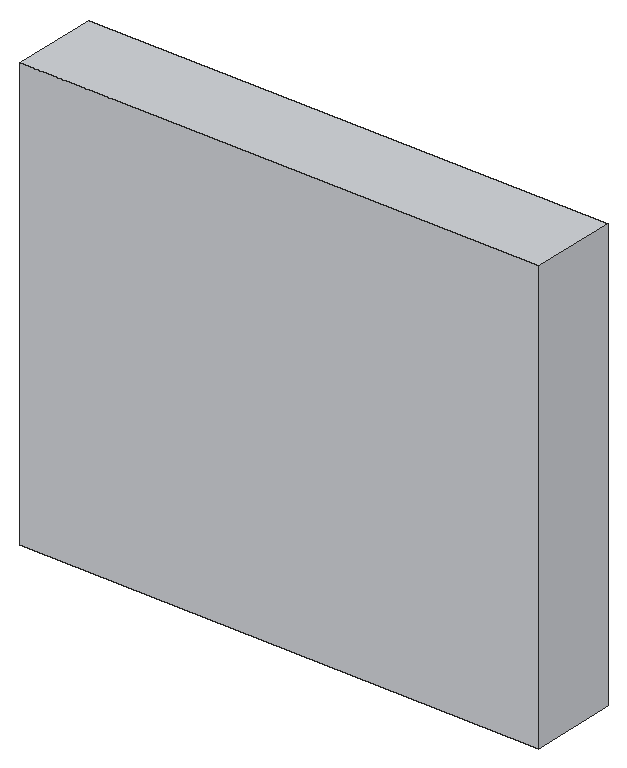
Revit family "Buyl_Heizkörper Ventil VL+RL mittig", category Mechanical Equipment, Revit 2015
Parameters (values of type "22/500/600")
  HZG_Leistung [instance] = 0
  HZG_IstHeizkörper = yes
  HLS_Länge = Länge  # 600 mm
  HLS_Höhe = Höhe  # 500 mm
  HLS_Breite = Breite  # 100 mm
  Breite = 100 mm
  Wasserdruckverlust [instance] = 0.00 psi
  Massenstrom [instance] = 0 GPM
  Wandabstand = 20 mm
  Nennradius = 7.5 mm
  Nenndurchmesser = Nennradius * 2  # 15 mm
  Länge = 600 mm
  Höhe = 500 mm
  Heizleistung [instance] = 0.0 Btu/h
Types (4, lengths in mm): name | HLS_Länge | HLS_Höhe | HLS_Breite | Breite | Länge | Höhe
  10/300/600 | 705 | 300 | 61 | 61 | 705 | 300
  12/400/800 | 800 | 400 | 64 | 64 | 800 | 400
  22/500/600 | 600 | 500 | 100 | 100 | 600 | 500
  12/400/800 2 | 800 | 400 | 64 | 64 | 800 | 400
Reference planes
  plane 1 "Mitte (Vorne/Hinten)": y = 0
  plane 2: z = 0
  plane 3 "Mitte (Links/Rechts)": x = 0
  plane 4: y = -120
  plane 5: y = -70
  plane 6: y = -20
  plane 7: x = 300
  plane 8: z = 500
  plane 9: x = -300
  plane 10: z = 2
Forms (mm)
  Extrusion 1, solid, detail levels medium+fine
    sketch origin (0, 17.773, 0) x (0, -1, 0) y (1, 0, 0)
      loop
        line (37.773, 300) -> (37.773, -300) -> (137.773, -300) -> (137.773, 300) -> (37.773, 300)
    from 0 to 500
  Extrusion 2, solid, detail levels medium+fine
    sketch origin (0, -422.82, 2) x (0, -1, 0) y (1, 0, 0)
      loop
        circle (-352.82, -20) r 7.5
      loop
        circle (-352.82, 20.043) r 7.5
    from 0 to -2
Lines and regions (mm)
  model lines, detail levels coarse
    curve 1: line (300, -20, 0) -> (300, -120, 0)
    curve 2: line (-300, -20, 0) -> (300, -20, 0)
    curve 3: line (-300, -120, 0) -> (-300, -20, 0)
    curve 4: line (300, -120, 0) -> (-300, -120, 0)
  model lines, style "Symbol", detail levels coarse
    curve 5: line (300, -70, 500) -> (-300, -70, 500)
    curve 6: line (300, -70, 0) -> (300, -70, 500)
    curve 7: line (-300, -70, 0) -> (300, -70, 0)
    curve 8: line (-300, -70, 500) -> (-300, -70, 0)
    curve 9: line (0, -20, 500) -> (0, -120, 500)
    curve 10: line (0, -20, 0) -> (0, -20, 500)
    curve 11: line (0, -120, 0) -> (0, -20, 0)
    curve 12: line (0, -120, 500) -> (0, -120, 0)
Dimensions and locks
  equal spacing: plane 6, plane 5, plane 4
  "Breite": plane 6 to plane 4
  "Höhe": plane 8 to level
  plane 7 to plane 9 = 600 mm
  "Länge": plane 7 to plane 9
  locked: plane 10 to level at 2
  "Wandabstand": plane 6 to plane 1 "Mitte (Vorne/Hinten)"
  locked: Extrusion 2 sketch curve to plane 3 "Mitte (Links/Rechts)" at 20
  locked: plane 3 "Mitte (Links/Rechts)" to Extrusion 2 sketch curve at 20.043
  equal spacing: plane 9, plane 3 "Mitte (Links/Rechts)", plane 7
  "Nennradius": radius of Extrusion 2 sketch curve  (x2)
  aligned and locked: plane 2 to level
  aligned and locked: Extrusion 1 sketch curve to plane 7
  aligned and locked: plane 6 to Extrusion 1 sketch curve
  aligned and locked: Extrusion 1 sketch curve to plane 4
  aligned and locked: Extrusion 1 to plane 9
  aligned and locked: Extrusion 1 to level
  aligned and locked: plane 8 to Extrusion 1
  aligned and locked: Extrusion 1 to plane 2
  aligned and locked: curve 1 to Extrusion 1
  aligned and locked: curve 2 to Extrusion 1
  aligned and locked: curve 3 to Extrusion 1
  aligned and locked: curve 4 to Extrusion 1
  aligned and locked: Extrusion 2 to level
  aligned and locked: plane 10 to Extrusion 2
  aligned and locked: curve 5 to Extrusion 1
  aligned and locked: curve 6 to Extrusion 1
  aligned and locked: curve 7 to curve 2
  aligned and locked: curve 8 to Extrusion 1
  aligned and locked: curve 9 to Extrusion 1
  aligned and locked: curve 10 to Extrusion 1
  aligned and locked: curve 11 to curve 1
  aligned and locked: curve 12 to Extrusion 1
Automatic sketch dimensions
  Extrusion 1 sketch curve to plane 9 = 0 mm
  plane 5 to Extrusion 2 sketch curve = 0 mm  (x2)
Connectors
  piping at (-20, -70, 0), diameter 15, driven by "Massenstrom", driven by "Nennradius"
    settings: on Extrusion 2, index 1, connector inside diameter 15 mm, connector length 0 mm, flow factor 0, pipe flow 0 GPM, pressure drop 0.00 psi, fitting loss kfactor 0, connector angle 0.00°, fixture units 0, engagement length 0 mm, angle of deflection 0.00°, flow configuration 1, flow direction 1, fitting loss method 0, system type 7, joint type 0, gender type 0, connector reference index 2, connector utility 0, adjustable connector no, is connector primary yes, connector description ""
  piping at (20.043, -70, 0), diameter 15, driven by "Massenstrom", driven by "Wasserdruckverlust", driven by "Nennradius"
    settings: on Extrusion 2, index 2, connector inside diameter 15 mm, connector length 0 mm, flow factor 0, pipe flow 0 GPM, pressure drop 0.00 psi, fitting loss kfactor 0, connector angle 0.00°, fixture units 0, engagement length 0 mm, angle of deflection 0.00°, flow configuration 1, flow direction 2, fitting loss method 4, system type 8, joint type 0, gender type 0, connector reference index 1, connector utility 0, adjustable connector no, is connector primary no, connector description ""
